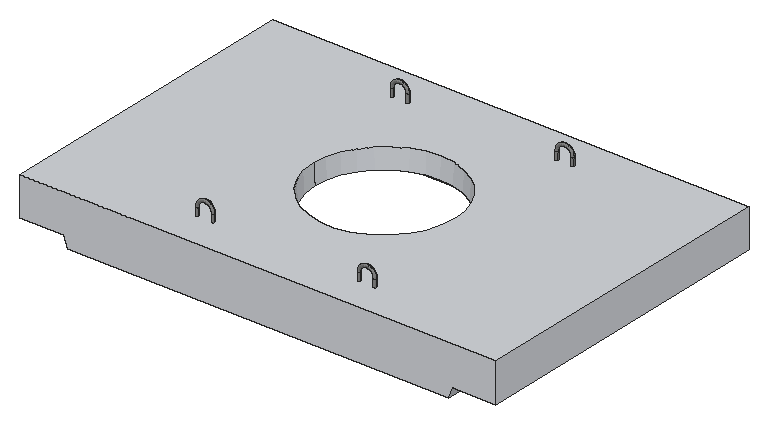
Revit family "110202-00002 Плита покрытия П-2", category Обобщенные модели, Revit 2019
Family settings
  Может служить основой для арматурных стержней = Нет
  Размер круглого соединителя = Использовать диаметр
  Тип детали = Нормальный
  На основе рабочей плоскости = Нет
  Всегда вертикально = Да
  При загрузке вырезать с полостями = Нет
  Общий = Нет
  Точка расчета площади = Нет
Parameters (values of type "Плита покрытия П-2")
  ADSK_Ширина = 1390 mm
  ADSK_Ссылка на сайт = "110202-00002"
  ADSK_Сертификат соответствия = "https://www.ssd.ru/upload/iblock/ec0/sert_b25_0221.pdf"
  ADSK_Наименование = "Плита покрытия П-2"
  ADSK_Масса = "980"
  ADSK_Марка бетона = "В25"
  ADSK_Марка = "П-2"
  ADSK_Код изделия = "110202-00002"
  ADSK_Изготовитель = "АО СВЯЗЬСТРОЙДЕТАЛЬ"
  ADSK_Длина [instance] = 2100 mm
  ADSK_Высота = "220"
Reference planes
  plane 1 "По центру (Вперед/Назад)": y = 0
  plane 2: z = 0
  plane 3 "По центру (Влево/Вправо)": x = 0
  plane 4: x = -1050
  plane 5: x = 1050
  plane 6: y = 695
  plane 7: y = -695
  plane 8: y = 480
  plane 9: y = -480
  plane 10: x = -885
  plane 11: x = 885
Forms (mm)
  Extrusion 1, solid
    sketch origin (0, 0, 0) x (1, 0, 0) y (0, 1, 0)
      loop
        line (-1050, 695) -> (-1050, -695) -> (1050, -695) -> (1050, 695) -> (-1050, 695)
    from 0 to 220
  Extrusion 2, void
    sketch origin (0, 0, 0) x (1, 0, 0) y (0, 0, 1)
      loop
        line (883.383, 0) -> (859.008, 130) -> (-859.81, 130) -> (-884.185, 0) -> (883.383, 0)
    from -480 to 480
  Extrusion 3, void
    sketch origin (0, 0, 0) x (1, 0, 0) y (0, 0, 1)
      loop
        line (1050, 50) -> (860, 50) -> (840, 0) -> (1050, 0) -> (1050, 50)
    from -695 to 695
  Extrusion 4, void
    sketch origin (0, 0, 0) x (-1, 0, 0) y (0, 0, -1)
      loop
        line (1050, -50) -> (1050, 0) -> (840, 0) -> (860, -50) -> (1050, -50)
    from -695 to 695
  Blend 5, void, detail levels medium+fine
    base sketch origin (0, 0, 0) x (1, 0, 0) y (0, 1, 0)
      loop
        circle (0, 0) r 300
    top sketch origin (0, 0, 0) x (1, 0, 0) y (0, 1, 0)
      loop
        circle (0, 0) r 315
    from 0 to 250
  Sweep 6, solid, material "Новый материал (по умолчанию)", detail levels fine
    path origin (-304.796, 0, 0) x (1, 0, 0) y (0, 0, 1)
      loop
        line (700, 220) -> (700, 255)
        arc (700, 255) -> (665, 290) -> (630, 255) r 35
        line (630, 255) -> (630, 220)
    profile origin (395.204, 0, 237.5) x (-1, 0, 0) y (0, -1, 0)
      loop
        circle (0, -545.425) r 6
  Sweep 7, solid, material "Новый материал (по умолчанию)", detail levels fine
    path origin (304.796, 0, 0) x (-1, 0, 0) y (0, 0, 1)
      loop
        line (700, 220) -> (700, 255)
        arc (700, 255) -> (665, 290) -> (630, 255) r 35
        line (630, 255) -> (630, 220)
    profile origin (-395.204, 0, 237.5) x (-1, 0, 0) y (0, -1, 0)
      loop
        circle (0, -537.228) r 6
  Sweep 8, solid, material "Новый материал (по умолчанию)", detail levels fine
    path origin (-304.796, 0, 0) x (1, 0, 0) y (0, 0, -1)
      loop
        line (700, -220) -> (700, -255)
        arc (700, -255) -> (665, -290) -> (630, -255) r 35
        line (630, -255) -> (630, -220)
    profile origin (395.204, 0, 237.5) x (1, 0, 0) y (0, 1, 0)
      loop
        circle (0, -545.425) r 6
  Sweep 9, solid, material "Новый материал (по умолчанию)", detail levels fine
    path origin (304.796, 0, 0) x (-1, 0, 0) y (0, 0, 1)
      loop
        line (700, 220) -> (700, 255)
        arc (700, 255) -> (665, 290) -> (630, 255) r 35
        line (630, 255) -> (630, 220)
    profile origin (-395.204, 0, 237.5) x (1, 0, 0) y (0, 1, 0)
      loop
        circle (0, -537.228) r 6
Cuts and joins
  Extrusion 2, Extrusion 3, Extrusion 4, Blend 5 cuts Extrusion 1
Dimensions and locks
  "ADSK_Длина": plane 4 to plane 5
  equal spacing: plane 4, plane 3 "По центру (Влево/Вправо)", plane 5
  "ADSK_Ширина": plane 6 to plane 7
  equal spacing: plane 6, plane 1 "По центру (Вперед/Назад)", plane 7
  aligned and locked: level to plane 2
  aligned and locked: Extrusion 2 to level
  aligned and locked: plane 9 to Extrusion 2
  aligned and locked: plane 6 to Extrusion 3
  aligned and locked: Extrusion 3 to plane 7
Automatic sketch dimensions
  Extrusion 1 sketch curve to plane 4 = 0 mm
  Extrusion 1 sketch curve to plane 5 = 0 mm
  Extrusion 1 sketch curve to plane 7 = 0 mm
  Extrusion 1 sketch curve to plane 6 = 0 mm
  Extrusion 2 sketch curve to level = 0 mm
  plane 10 to Extrusion 2 sketch curve = 0.815 mm
  plane 10 to Extrusion 2 sketch curve = 25.19 mm
  plane 11 to Extrusion 2 sketch curve = 25.992 mm
  plane 11 to Extrusion 2 sketch curve = 1.617 mm
  level to Extrusion 2 sketch curve = 130 mm
  Extrusion 3 sketch curve to level = 0 mm
  Extrusion 3 sketch curve to plane 5 = 0 mm
  plane 11 to Extrusion 3 sketch curve = 25 mm
  plane 11 to Extrusion 3 sketch curve = 45 mm
  level to Extrusion 3 sketch curve = 50 mm
  Extrusion 4 sketch curve to level = 0 mm
  Extrusion 4 sketch curve to plane 4 = 0 mm
  Extrusion 4 sketch curve to plane 10 = 25 mm
  Extrusion 4 sketch curve to plane 10 = 45 mm
  Extrusion 4 sketch curve to level = 50 mm
  plane 1 "По центру (Вперед/Назад)" to Blend 5 sketch curve = 0 mm  (x2)
  Blend 5 sketch curve to plane 3 "По центру (Влево/Вправо)" = 0 mm  (x2)
  plane 3 "По центру (Влево/Вправо)" to Sweep 6 sketch curve = 325.204 mm
  Sweep 6 sketch curve to Sweep 6 sketch curve = 35 mm  (x3)
  level to Sweep 6 sketch curve = 255 mm
  Sweep 6 sketch curve to profile plane = 0 mm
  Sweep 6 sketch curve to plane 1 "По центру (Вперед/Назад)" = 545.425 mm
  plane 3 "По центру (Влево/Вправо)" to Sweep 7 sketch curve = 325.204 mm
  Sweep 7 sketch curve to Sweep 7 sketch curve = 35 mm  (x3)
  Sweep 7 sketch curve to level = 255 mm
  Sweep 7 sketch curve to profile plane = 0 mm
  Sweep 7 sketch curve to plane 1 "По центру (Вперед/Назад)" = 537.228 mm
  plane 3 "По центру (Влево/Вправо)" to Sweep 8 sketch curve = 325.204 mm
  Sweep 8 sketch curve to Sweep 8 sketch curve = 35 mm  (x3)
  level to Sweep 8 sketch curve = 255 mm
  Sweep 8 sketch curve to profile plane = 0 mm
  Sweep 8 sketch curve to profile plane = 545.425 mm
  Sweep 9 sketch curve to plane 3 "По центру (Влево/Вправо)" = 325.204 mm
  Sweep 9 sketch curve to Sweep 9 sketch curve = 35 mm  (x3)
  level to Sweep 9 sketch curve = 255 mm
  Sweep 9 sketch curve to profile plane = 0 mm
  Sweep 9 sketch curve to profile plane = 537.228 mm
  radius of Blend 5 sketch curve = 300 mm
  radius of Blend 5 sketch curve = 315 mm
  radius of Sweep 6 sketch curve = 6 mm
  radius of Sweep 7 sketch curve = 6 mm
  radius of Sweep 8 sketch curve = 6 mm
  radius of Sweep 9 sketch curve = 6 mm
